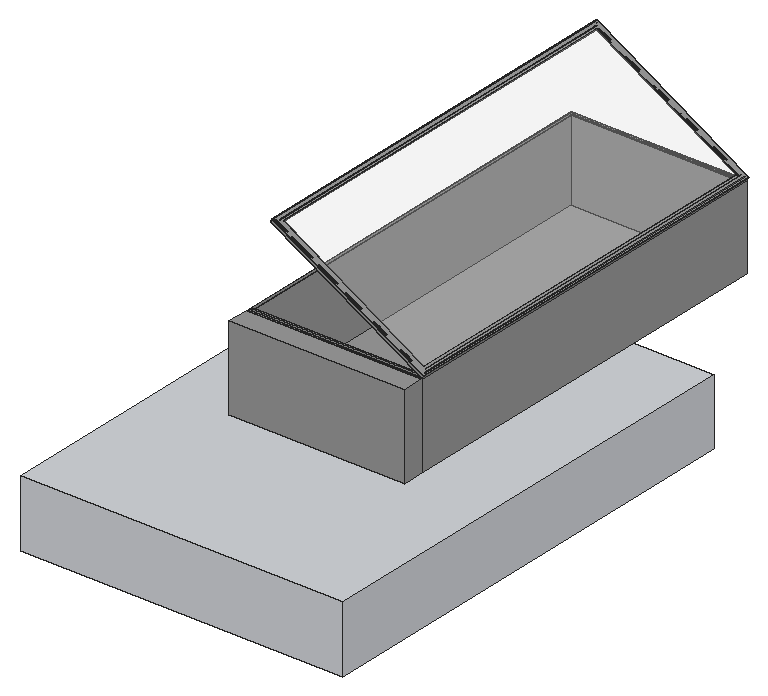
Revit family "Hager-Univers-IP55-D400-H1950-Cl.I-Steel_encl-CH-it", category Equipement électrique, Revit 2020
Family settings
  Hôte = Face
  Configuration du panneau = Deux colonnes, circuits au sein
  Cote de connecteur circulaire = Utiliser le diamètre
  Type d'élément = Tableau de raccordement
  Couper avec des vides une fois chargée = Non
  Partagée = Non
  Point de calcul de pièce = Non
Parameters (values of type "montaggio a pavimento IP55 L800 A1950 P400  - FR23V1")
  Width Control [instance] = if([EF000008 - Larghezza] > Min Width, [EF000008 - Larghezza], Min Width)  # 800 mm
  Commentaires du type = [HG000003 - Gamma]  # "Univers"
  Thickness Door [instance] = if([EF009171 - spessore materiale porta/coperchio] > 3 mm, 3 mm, [EF009171 - spessore materiale porta/coperchio])  # 1.5 mm
  Seal Frame Offset [instance] = 17 mm  # constant formula
  Plinth Visibility [instance] = [HG000027 - Altezza dello zoccolo] > 0 mm  # yes
  Model = ""
  Min Width [instance] = 100 mm  # constant formula
  Min Height [instance] = 100 mm  # constant formula
  Min Depth [instance] = (2 * [EF009170 - spessore materiale scatola]) + 1 mm  # 4 mm
  Internal Frame Depth [instance] = (Door System Depth * 0.5)  # 9 mm
  Height Control [instance] = if([EF000040 - Altezza] > Min Height, [EF000040 - Altezza], Min Height)  # 1950 mm
  HG000027 - Altezza dello zoccolo = 100 mm
  HG000026 - A pavimento = yes
  HG000024 - Altezza della sezione inferiore = 800 mm
  HG000023 - Custodia a doppia sezione = no
  HG000016 - Visibilità delle porte nella vista 3D [instance] = yes
  HG000015 - Visibilità attraverso la porta [instance] = no
  HG000014 - Porta destra [instance] = yes
  HG000013 - Porta sinistra [instance] = not([HG000014 - Porta destra])  # no
  HG000012 - Angolo di apertura della porta [instance] = 30.00°
  HG000010 - Porte asimmetriche = no
  HG000009 - Porta doppia a battente = no
  HG000006 - Ad incasso = no
  HG000004 - Codice produttore = "FR23V1"
  HG000003 - Gamma = "Univers"
  HG000002 - Con porta = yes
  Frame Offset Bottom [instance] = 10 mm  # constant formula
  Frame Offset [instance] = 15 mm  # constant formula
  EF015940 - Coprire con rilascio di sovrapressione = no
  EF011959 - tipo di protezione (NEMA) = ""
  EF009554 - numero delle aperture per la piastra della flangia = 6
  Fabricant = "Hager"  # constant formula
  EF009212 - esecuzione coperchio = "EV000116 - chiuso"
  EF009171 - spessore materiale porta/coperchio = 1.5 mm
  EF009170 - spessore materiale scatola = 1.5 mm
  EF008873 - corrente nominale (In) = 800 A
  EF007800 - adatto per parafulmine = no
  EF006306 - con serratura = no
  EF006244 - coperchio/porta trasparente = yes
  EF005474 - grado di protezione (IP) = "EV006420 - IP55"
  EF004464 - tipo di porta = "EV002646 - singolo"
  EF004427 - numero di moduli = 432
  EF004293 - resistenza agli urti = "EV008784 - IK10"
  EF003532 - adatto per uso esterno = no
  EF002950 - Numero moduli DIN = 24
  EF001613 - Integrità del circuito = "EV000494 - senza"
  EF001596 - Attacco Lampada = "EV000179 - acciaio"
  EF001131 - profondità interna = 400 mm
  EF001088 - possibilità di applicazione = yes
  EF000437 - numero di ingressi per conduttori = 6
  EF000339 - tipo di copertura = "EV004216 - porta"
  EF000266 - numero di file = 12
  EF000218 - profondità di incasso = 0 mm
  EF000118 - con piastra di montaggio = no
  EF000116 - numero RAL = "7035"
  EF000049 - profondità = 400 mm
  EF000040 - Altezza = 1950 mm
  EF000008 - Larghezza = 800 mm
  EF000007 - colore = "EV000270 - grigio"
  EF000003 - Tipo di montaggio = "EV012274 - montaggio a pavimento"
  Door System Leaf Tolerance [instance] = 1.5 mm  # constant formula
  Door System Depth [instance] = 18 mm  # constant formula
  Door Height [instance] = Height Control - [HG000027 - Altezza dello zoccolo]  # 1850 mm
  Depth Control [instance] = if([EF000049 - profondità] > Min Depth, [EF000049 - profondità], Min Depth)  # 400 mm
  Default Elevation = 0 mm
  Connector Offset [instance] = Height Control / 2  # 975 mm
  Bottom Top Plate Trim [instance] = 1.5 mm  # constant formula
  Plinth height Ctrl [instance] = if([HG000027 - Altezza dello zoccolo] > 0 mm, [HG000027 - Altezza dello zoccolo], 12 mm)  # 100 mm
Types (11, lengths in mm): name | Width Control | HG000010 - Porte asimmetriche | HG000009 - Porta doppia a battente | HG000004 - Codice produttore | EF009554 - numero delle aperture per la piastra della flangia | EF006244 - coperchio/porta trasparente | EF004464 - tipo di porta | EF004427 - numero di moduli | EF000437 - numero di ingressi per conduttori | EF000008 - Larghezza
  montaggio a pavimento IP55 L1050 A1950 P400  - FR24G1 | 1050 | yes | yes | "FR24G1" | 8 | no | "EV003602 - doppio" | 576 | 8 | 1050
  montaggio a pavimento IP55 L1050 A1950 P400  - FR24V1 | 1050 | yes | yes | "FR24V1" | 8 | yes | "EV003602 - doppio" | 576 | 8 | 1050
  montaggio a pavimento IP55 L1300 A1950 P400  - FR25G1 | 1300 | yes | yes | "FR25G1" | 10 | no | "EV003602 - doppio" | 720 | 10 | 1300
  montaggio a pavimento IP55 L1300 A1950 P400  - FR25V1 | 1300 | yes | yes | "FR25V1" | 10 | yes | "EV003602 - doppio" | 720 | 10 | 1300
  montaggio a pavimento IP55 L1550 A1950 P400  - FR26G1 | 1550 | yes | yes | "FR26G1" | 12 | no | "EV003602 - doppio" | 864 | 12 | 1550
  montaggio a pavimento IP55 L1550 A1950 P400  - FR26V1 | 1550 | yes | yes | "FR26V1" | 12 | yes | "EV003602 - doppio" | 864 | 12 | 1550
  montaggio a pavimento IP55 L300 A1950 P400  - FR21G1 | 300 | no | no | "FR21G1" | 2 | no | "EV002646 - singolo" | 144 | 2 | 300
  montaggio a pavimento IP55 L550 A1950 P400  - FR22G1 | 550 | no | no | "FR22G1" | 4 | no | "EV002646 - singolo" | 288 | 4 | 550
  montaggio a pavimento IP55 L550 A1950 P400  - FR22V1 | 550 | no | no | "FR22V1" | 4 | yes | "EV002646 - singolo" | 288 | 4 | 550
  montaggio a pavimento IP55 L800 A1950 P400  - FR23G1 | 800 | no | no | "FR23G1" | 6 | no | "EV002646 - singolo" | 432 | 6 | 800
  montaggio a pavimento IP55 L800 A1950 P400  - FR23V1 | 800 | no | no | "FR23V1" | 6 | yes | "EV002646 - singolo" | 432 | 6 | 800
Reference planes
  plane 1 "Center (Front/Back)": y = 0
  plane 2: z = 0
  plane 3 "Center (Left/Right)": x = 0
  plane 4: z = 400
  plane 5: y = 101.5
  plane 6: y = 1025
  plane 7: y = 100
  plane 8: y = 1950
  plane 9: z = 0
  plane 10: x = -385
  plane 11: x = 385
  plane 12: x = 383.5
  plane 13: x = -383.5
  plane 14: y = 1948.5
  plane 15: x = -383
  plane 16: x = -400
  plane 17: x = 383
  plane 18: x = 400
  plane 19: x = 398.5
  plane 20: x = -398.5
  plane 21: y = 111.5
  plane 22: y = 1950
  plane 23: y = 1933.5
  plane 24: z = 382
  plane 25: z = 1.5
  plane 26: z = 380.5
  plane 27: z = 398.5
Forms (mm)
  Extrusion 1, solid
    sketch origin (0, 0, 0) x (1, 0, 0) y (0, 1, 0)
      loop
        line (-702.964, 1305) -> (-702.964, -811.445) -> (766.763, -811.445) -> (766.763, 1305) -> (-702.964, 1305)
    from 0 to -304.8
  Extrusion 2, solid, material "Hager_Steel_RAL7035_Light_Grey", visible <- "Plinth Visibility", detail levels medium+fine
    sketch origin (0, 0, 0) x (1, 0, 0) y (0, 1, 0)
      loop
        line (-400, 0) -> (400, 0) -> (400, 100) -> (-400, 100) -> (-400, 0)
    from 0 to 382
  Extrusion 3, solid, material "Hager_Steel_RAL7035_Light_Grey", detail levels medium+fine
    sketch origin (0, 0, 0) x (1, 0, 0) y (0, 1, 0)
      loop
        line (-400, 100) -> (400, 100) -> (400, 1950) -> (-400, 1950) -> (-400, 100)
    from 0 to 382
  Extrusion 4, void
    sketch origin (0, 0, 0) x (1, 0, 0) y (0, 1, 0)
      loop
        line (-398.5, 101.5) -> (398.5, 101.5) -> (398.5, 1948.5) -> (-398.5, 1948.5) -> (-398.5, 101.5)
    from 1.5 to 380.5
  Extrusion 5, void
    sketch origin (-381.607, -4572, 382) x (0, -1, 0) y (-1, 0, 0)
      loop
        line (-4683.5, 1.893) -> (-6505.5, 1.893) -> (-6505.5, -765.107) -> (-4683.5, -765.107) -> (-4683.5, 1.893)
    from 0 to 1.5 <- "EF009170 - spessore materiale scatola"
  Extrusion 6, solid, material "Hager_Steel_RAL7035_Light_Grey", detail levels fine
    sketch origin (0, 0, 382) x (1, 0, 0) y (0, 1, 0)
      loop
        line (-383.5, 1933.5) -> (-383.5, 111.5) -> (383.5, 111.5) -> (383.5, 1933.5) -> (-383.5, 1933.5)
      loop
        line (-385, 110) -> (385, 110) -> (385, 1935) -> (-385, 1935) -> (-385, 110)
    from 0 to 9 <- "Internal Frame Depth"
  Extrusion 7, solid, material "Hager_Steel_RAL7035_Light_Grey", detail levels coarse
    sketch origin (0, 0, 0) x (1, 0, 0) y (0, 1, 0)
      loop
        line (-400, 0) -> (400, 0) -> (400, 1950) -> (-400, 1950) -> (-400, 0)
    from 0 to 400
  Sweep 8, void
    path in 3D
      loop
        line (-400, 100, 0) -> (400, 100, 0) -> (400, 100, 382) -> (-400, 100, 382) -> (-400, 100, 0)
    profile origin (-400, 100, 191) x (-1, 0, 0) y (0, -1, 0)
      loop
        line (0, 0) -> (0, 1.5) -> (-1.5, 1.5)
        arc (-1.5, 1.5) -> (-1.061, 0.439) -> (0, 0) r 1.5
Cuts and joins
  Extrusion 4, Extrusion 5 cuts Extrusion 3
  Sweep 8 cuts Extrusion 2
Lines and regions (mm)
  Masking region 1
    outline origin (0, 0, 0) x (1, 0, 0) y (0, 0, 1)
      loop
        line (-400, 400) -> (-400, 0) -> (400, 0) -> (400, 400) -> (-400, 400)
  Masking region 2, detail levels medium+fine
    outline origin (0, 140, 0) x (0, 1, 0) y (0, 0, 1)
      loop
        line (-40, 0) -> (1810, 0) -> (1810, 382) -> (-40, 382) -> (-40, 0)
  Masking region 3, not visible, detail levels medium+fine
    outline origin (0, 297.922, 0) x (0, 1, 0) y (0, 0, 1)
      loop
        line (738.578, 0) -> (778.578, 0) -> (778.578, 388.5)
        arc (778.578, 388.5) -> (775.649, 395.571) -> (768.578, 398.5) r 10
        line (768.578, 398.5) -> (738.578, 398.5) -> (738.578, 0)
  Masking region 4, detail levels coarse
    outline origin (0, 0, 180) x (0, 1, 0) y (0, 0, 1)
      loop
        line (0, -180) -> (1950, -180) -> (1950, 220) -> (0, 220) -> (0, -180)
  Masking region 5, visible <- "Plinth Visibility", detail levels medium+fine
    outline origin (0, 52.24, 12.345) x (0, 0, -1) y (0, 1, 0)
      loop
        line (10.845, 47.76) -> (-368.155, 47.76)
        arc (-368.155, 47.76) -> (-368.594, 46.699) -> (-369.655, 46.26) r 1.5
        line (-369.655, 46.26) -> (-369.655, -52.24) -> (12.345, -52.24) -> (12.345, 46.26)
        arc (12.345, 46.26) -> (11.285, 46.699) -> (10.845, 47.76) r 1.5
  Masking region 6, detail levels medium+fine
    outline origin (-381.607, -4572, 382) x (-1, 0, 0) y (0, -1, 0)
      loop
        line (18.393, -6522) -> (18.393, -4672) -> (-781.607, -4672) -> (-781.607, -6522) -> (18.393, -6522)
  Masking region 7, visible <- "Plinth Visibility", detail levels medium+fine
    outline origin (-381.607, -4727, 382) x (-1, 0, 0) y (0, -1, 0)
      loop
        arc (16.893, -4827) -> (17.332, -4825.939) -> (18.393, -4825.5) r 1.5
        line (18.393, -4825.5) -> (18.393, -4727) -> (-781.607, -4727) -> (-781.607, -4825.5)
        arc (-781.607, -4825.5) -> (-780.546, -4825.939) -> (-780.107, -4827) r 1.5
        line (-780.107, -4827) -> (16.893, -4827)
  Masking region 8, detail levels coarse
    outline origin (-442.548, -4669.526, 382) x (-1, 0, 0) y (0, -1, 0)
      loop
        line (-42.548, -6619.526) -> (-42.548, -4669.526) -> (-842.548, -4669.526) -> (-842.548, -6619.526) -> (-42.548, -6619.526)
  sketch lines
    curve 1: line (-400, 100, 382) -> (-400, 100, 0)
    curve 2: line (400, 100, 382) -> (-400, 100, 382)
    curve 3: line (400, 100, 382) -> (400, 100, 0)
    curve 4: line (-400, 100, 0) -> (400, 100, 0)
Dimensions and locks
  "Depth Control": plane 4 to Extrusion 1
  "HG000027 - Altezza dello zoccolo": plane 1 "Center (Front/Back)" to plane 7
  "EF009170 - spessore materiale scatola": plane 5 to plane 7
  locked: connector elem to plane 3 "Center (Left/Right)"
  equal spacing: plane 8, plane 6, plane 7
  locked: connector elem to plane 6
  "EF009170 - spessore materiale scatola": plane 8 to plane 14
  "EF009170 - spessore materiale scatola": plane 10 to plane 13
  "EF009170 - spessore materiale scatola": plane 12 to plane 11
  "Frame Offset": plane 20 to plane 13
  "Frame Offset": plane 12 to plane 19
  "EF009170 - spessore materiale scatola": plane 16 to plane 20
  "EF009170 - spessore materiale scatola": plane 19 to plane 18
  "Seal Frame Offset": plane 16 to plane 15
  "Seal Frame Offset": plane 17 to plane 18
  "Frame Offset Bottom": plane 21 to plane 5
  "Frame Offset": plane 14 to plane 23
  equal spacing: plane 16, plane 3 "Center (Left/Right)", plane 18
  "Width Control": plane 16 to plane 18
  "EF009170 - spessore materiale scatola": plane 4 to plane 27
  "EF009170 - spessore materiale scatola": plane 24 to plane 26
  "EF009170 - spessore materiale scatola": plane 25 to level
  "Door System Depth": plane 4 to plane 24
  "Height Control": plane 1 "Center (Front/Back)" to Extrusion 7 sketch curve
  "Height Control": Masking region 4 sketch curve to plane 1 "Center (Front/Back)"
  "Height Control": plane 1 "Center (Front/Back)" to plane 22
  "Bottom Top Plate Trim": profile plane to Sweep 8 sketch curve
  "Bottom Top Plate Trim": Sweep 8 sketch curve to profile plane
  "Plinth height Ctrl": plane 1 "Center (Front/Back)" to Extrusion 2 sketch curve
  "Plinth height Ctrl": Masking region 5 sketch curve to plane 1 "Center (Front/Back)"
  "Plinth height Ctrl": plane 1 "Center (Front/Back)" to Masking region 7 sketch curve
  "Thickness Door": Extrusion 6 sketch curve to Extrusion 6 sketch curve  (x3)
  "Thickness Door": cut or joined group of Extrusion 3, Extrusion 4, Extrusion 5 to Extrusion 6 sketch curve
  radius of Masking region 3 sketch curve = 10 mm
  "Bottom Top Plate Trim": radius of Masking region 5 sketch curve  (x2)
  "Bottom Top Plate Trim": radius of Sweep 8 sketch curve
  "Bottom Top Plate Trim": radius of Masking region 7 sketch curve  (x2)
  aligned and locked: plane 2 to Extrusion 1
  aligned and locked: level to Extrusion 1
  aligned and locked: level to Masking region 1 sketch curve
  aligned and locked: Masking region 1 sketch curve to plane 18
  aligned and locked: Masking region 1 sketch curve to plane 16
  aligned and locked: plane 7 to Masking region 2 sketch curve
  aligned and locked: level to Masking region 3 sketch curve
  aligned and locked: Masking region 3 sketch curve to plane 27
  aligned and locked: level to Masking region 2 sketch curve
  aligned and locked: plane 1 "Center (Front/Back)" to Extrusion 2 sketch curve
  aligned and locked: Extrusion 3 sketch curve to plane 7
  aligned and locked: plane 16 to Extrusion 3 sketch curve
  aligned and locked: plane 18 to Extrusion 3 sketch curve
  aligned and locked: plane 20 to Extrusion 4 sketch curve
  aligned and locked: plane 19 to Extrusion 4 sketch curve
  aligned and locked: Extrusion 4 sketch curve to plane 5
  aligned and locked: Extrusion 4 to plane 25
  aligned and locked: plane 26 to Extrusion 4
  aligned and locked: plane 24 to Extrusion 3
  aligned and locked: Extrusion 5 sketch curve to plane 21
  aligned and locked: Extrusion 5 sketch curve to plane 13
  aligned and locked: Extrusion 5 sketch curve to plane 12
  aligned and locked: plane 18 to Extrusion 7 sketch curve
  aligned and locked: plane 1 "Center (Front/Back)" to Extrusion 7 sketch curve
  aligned and locked: plane 16 to Extrusion 7 sketch curve
  aligned and locked: plane 4 to Extrusion 7
  aligned and locked: Extrusion 7 to level
  aligned and locked: level to Masking region 4 sketch curve
  aligned and locked: Masking region 4 sketch curve to plane 1 "Center (Front/Back)"
  aligned and locked: Masking region 4 sketch curve to plane 4
  aligned and locked: nested 1 to level
  aligned and locked: nested 1 to plane 16
  aligned and locked: plane 8 to Extrusion 3 sketch curve
  aligned and locked: plane 23 to Extrusion 5 sketch curve
  aligned and locked: plane 14 to Extrusion 4 sketch curve
  aligned and locked: Masking region 2 sketch curve to plane 8
  aligned and locked: level to Masking region 5 sketch curve
  aligned and locked: plane 16 to Extrusion 2 sketch curve
  aligned and locked: plane 18 to Extrusion 2 sketch curve
  aligned and locked: Masking region 5 sketch curve to plane 24
  aligned and locked: Masking region 2 sketch curve to plane 24
  aligned and locked: plane 24 to Extrusion 2
  aligned and locked: profile plane to Sweep 8 sketch curve  (x2)
  aligned and locked: Masking region 6 sketch curve to plane 18
  aligned and locked: Masking region 6 sketch curve to plane 22
  aligned and locked: Masking region 6 sketch curve to plane 16
  aligned and locked: plane 8 to plane 22
  aligned and locked: Masking region 6 sketch curve to plane 7
  aligned and locked: Masking region 7 sketch curve to plane 16
  aligned and locked: Masking region 7 sketch curve to plane 1 "Center (Front/Back)"
  aligned and locked: Masking region 7 sketch curve to plane 18
  aligned and locked: Masking region 8 sketch curve to plane 1 "Center (Front/Back)"
  aligned and locked: Masking region 8 sketch curve to plane 18
  aligned and locked: Masking region 8 sketch curve to plane 22
  aligned and locked: Masking region 8 sketch curve to plane 16
  aligned and locked: nested 2 to plane 7
  aligned and locked: plane 3 "Center (Left/Right)" to nested 2
  aligned and locked: nested 2 to plane 24
  aligned and locked: Extrusion 6 sketch curve to cut or joined group of Extrusion 3, Extrusion 4, Extrusion 5  (x4)
Automatic sketch dimensions
  Extrusion 1 sketch curve to Extrusion 1 sketch curve = 1469.727 mm
  Extrusion 1 sketch curve to Extrusion 1 sketch curve = 2116.445 mm
  Masking region 1 sketch curve to plane 4 = 0 mm
  plane 6 to Masking region 3 sketch curve = 11.5 mm
  Masking region 3 sketch curve to Masking region 3 sketch curve = 30 mm
  Masking region 5 sketch curve to plane 1 "Center (Front/Back)" = 0 mm
Nested families
  nested 1: "Hager_Enclosure_Symbol" at (-400, 0, 0) x (1, 0, 0) z (0, -1, 0), Height <- "Depth Control", Width <- "Width Control", type "Hager_Enclosure_Symbol"
    with Width_Ctrl 800 mm, Width 800 mm, Height_Ctrl 400 mm, Height 400 mm, A_Width_Int 26.25 mm, A_Width 315 mm, A_Height_Ctrl 350 mm, A_Height 350 mm
  nested 2: "EC000058_Univers_Door" at (0, 100, 382) x (1, 0, 0) z (0, 1, 0), Leaf_Tolerance <- "Door System Leaf Tolerance", Angle <- "HG000012 - Angolo di apertura della porta", Door_Depth <- "Door System Depth", Door_Left <- "HG000013 - Porta sinistra", Transparent <- "EF006244 - coperchio/porta trasparente", Assymetrical <- "HG000010 - Porte asimmetriche", Width <- "Width Control", Clearance <- "HG000015 - Visibilità attraverso la porta", Double <- "HG000009 - Porta doppia a battente", 3d_Door <- "HG000016 - Visibilità delle porte nella vista 3D", Lock_Visibility <- "EF006306 - con serratura", Width_Ctrl <- "Width Control", Door_Right <- "HG000014 - Porta destra", Door <- "HG000002 - Con porta", Height <- "Door Height", Thickness <- "Thickness Door", type "EC000058_Univers_Door", detail levels medium+fine
    with min_wh 4 mm, Width_Ctrl 800 mm, Width 800 mm, Transparent yes, Thickness 1.5 mm, Seal_Material Hager_Rubber, Lock_Visibility no, Lock_Material Hager_Plastic_RAL9005_Jet_Black, Leaf_Width 800 mm, Leaf_Tolerance_External_Sides 0 mm, Leaf_Tolerance 1.5 mm, Leaf_Offset 0 mm, Leaf_Height 1847 mm, Leaf_2_Width 800 mm, Leaf_2_Offset 400 mm, Leaf_1_Width 800 mm, Leaf_1_Offset 400 mm, Height_Ctrl 1850 mm, Height 1850 mm, Glass_Material Hager_Glass, Double_Clearance_Ctrl no, Double no, Door_Right_Ctrl yes, Door_Right yes, Door_Material Hager_Steel_RAL7035_Light_Grey, Door_Left_Ctrl no, Door_Left no, Door_Depth 18 mm, Door yes, Clearance_Material Hager_Clearance, Clearance_Depth 800 mm, Clearance_Ctrl no, Clearance no, Assymetrical no, Angle 30.00°, 3d_Door yes
Connectors
  electrical at (0, 1025, 0)
    settings: on plane 9, index 1, voltage 0 V, apparent load 0 VA, apparent load phase1 0 VA, apparent load phase2 0 VA, apparent load phase3 0 VA, power factor 1, load classification "Other", number of poles 1, system type 30, power factor state 1, is connector primary yes, connector utility no, sub classification motor no, connector description ""
Definition of nested family "EC000058_Univers_Door"
  Parameters (values of type "EC000058_Univers_Door")
    min_wh [instance] = (2 * Thickness) + 1 mm  # 11 mm
    Width_Ctrl [instance] = 400 mm
    Width [instance] = 500 mm
    Transparent [instance] = yes
    Thickness [instance] = 5 mm
    Seal_Material [instance] = none
    Lock_Visibility [instance] = yes
    Lock_Material [instance] = none
    Leaf_Width [instance] = if((Width_Ctrl - 2 * Leaf_Tolerance_External_Sides) > 0 mm, (Width_Ctrl - 2 * Leaf_Tolerance_External_Sides), min_wh)  # 400 mm
    Leaf_Tolerance_External_Sides [instance] = 0 mm  # constant formula
    Leaf_Tolerance [instance] = 1.5 mm
    Leaf_Offset [instance] = 0 mm  # constant formula
    Leaf_Height [instance] = if((Height_Ctrl - 2 * Leaf_Tolerance) > 0 mm, (Height_Ctrl - 2 * Leaf_Tolerance), min_wh)  # 497 mm
    Leaf_2_Width [instance] = if(and(and(Double, Assymetrical), Door_Left), (Leaf_Width / 3) - (Leaf_Tolerance / 2), if(and(and(Double, Assymetrical), Door_Right), (Leaf_Width / 3) * 2 - (Leaf_Tolerance / 2), if(and(Double, not(Assymetrical)), (Leaf_Width / 2) - Leaf_Tolerance, Leaf_Width)))  # 400 mm
    Leaf_2_Offset [instance] = if(and(Double, Assymetrical), Leaf_2_Width / 2, if(and(Double, not(Assymetrical)), Leaf_Width / 4, Leaf_Width / 2))  # 200 mm
    Leaf_1_Width [instance] = if(and(and(Double, Assymetrical), Door_Right), (Leaf_Width / 3) - (Leaf_Tolerance / 2), if(and(and(Double, Assymetrical), Door_Left), (Width / 3) * 2 - (Leaf_Tolerance / 2), if(and(Double, not(Assymetrical)), (Leaf_Width / 2) - Leaf_Tolerance, Leaf_Width)))  # 400 mm
    Leaf_1_Offset [instance] = if(and(Double, Assymetrical), Leaf_1_Width / 2, if(and(Double, not(Assymetrical)), Leaf_Width / 4, Leaf_Width / 2))  # 200 mm
    Height_Ctrl [instance] = if(Height > min_wh, Height, min_wh)  # 500 mm
    Height [instance] = 500 mm
    Glass_Material [instance] = none
    Double_Clearance_Ctrl [instance] = and(Double, Clearance)  # no
    Double [instance] = no
    Door_Right_Ctrl [instance] = and(or(Door_Right, Double), Door)  # yes
    Door_Right [instance] = yes
    Door_Material [instance] = none
    Door_Left_Ctrl [instance] = and(or(Door_Left, Double), Door)  # no
    Door_Left [instance] = no
    Door_Depth [instance] = 30 mm
    Door [instance] = yes
    Default Elevation = 1219.2 mm
    Clearance_Material [instance] = none
    Clearance_Depth [instance] = if(Leaf_1_Width > Leaf_2_Width, Leaf_1_Width, Leaf_2_Width)  # 400 mm
    Clearance_Ctrl [instance] = and(not(Double), Clearance)  # yes
    Clearance [instance] = yes
    Assymetrical [instance] = yes
    Angle [instance] = 30.00°
    3d_Door [instance] = yes
  Reference planes
    plane 1 "Center (Front/Back)": y = 0
    plane 2 "Bottom": z = 0
    plane 3 "Center (Left/Right)": x = 0
    plane 4: z = 500
    plane 5: x = -200
    plane 6: x = 200
    plane 7: z = 500
    plane 8: x = -200
    plane 9: z = 0
    plane 10: x = 200
    plane 11: y = 0
    plane 12: z = 1.5
    plane 13: x = -600
    plane 14: y = -400
    plane 15: x = 600
    plane 16: x = 0
    plane 17: x = 0
    plane 18: x = -200
    plane 19: x = 200
    plane 20: z = 498.5
  Forms (mm)
    Extrusion 1, solid, material <- "Clearance_Material", visible <- "Double_Clearance_Ctrl"
      sketch origin (1200, 0, 0) x (1, 0, 0) y (0, 0, -1)
        loop
          line (-1800, -498.5) -> (-600, -498.5) -> (-600, 0) -> (-1800, 0) -> (-1800, -498.5)
      from 0 to -400
  Dimensions and locks
    equal spacing: plane 5, plane 3 "Center (Left/Right)", plane 6
    "Width_Ctrl": plane 5 to plane 6
    "Leaf_Offset": plane 5 to plane 8
    "Leaf_Offset": plane 6 to plane 10
    "Leaf_Offset": plane 9 to level
    "Leaf_Offset": plane 4 to plane 7
    "Height_Ctrl": plane 4 to level
    "Leaf_Tolerance": plane 12 to plane 9
    locked: plane 11 to plane 1 "Center (Front/Back)"
    "Leaf_1_Offset": plane 18 to plane 16
    "Leaf_2_Offset": plane 17 to plane 19
    "Leaf_1_Width": plane 13 to plane 8
    "Leaf_2_Width": plane 10 to plane 15
    "Clearance_Depth": plane 14 to plane 1 "Center (Front/Back)"
    "Leaf_Tolerance_External_Sides": plane 8 to plane 18
    "Leaf_Tolerance_External_Sides": plane 19 to plane 10
    "Leaf_Tolerance": plane 7 to plane 20
    aligned and locked: level to plane 2 "Bottom"
    aligned and locked: nested 1 to plane 16
    aligned and locked: nested 2 to plane 17
    aligned and locked: Extrusion 1 to plane 13
    aligned and locked: plane 15 to Extrusion 1
    aligned and locked: Extrusion 1 to plane 14
    aligned and locked: plane 12 to nested 1
    aligned and locked: nested 2 to plane 12
    aligned and locked: Extrusion 1 to plane 11
    aligned and locked: plane 20 to Extrusion 1
    aligned and locked: nested 2 to plane 11
    aligned and locked: nested 1 to plane 11
  Automatic sketch dimensions
    Extrusion 1 sketch curve to level = 0 mm
    plane 5 to Extrusion 1 sketch curve = 400 mm
    plane 6 to Extrusion 1 sketch curve = 400 mm
    Extrusion 1 sketch curve to plane 4 = 1.5 mm
  Nested families
    nested 1: "EC000058_Univers_Door_Leaf" at (0, 0, 1.5), Width <- "Leaf_1_Width", visible <- "Door_Left_Ctrl", Leaf_Height <- "Leaf_Height", Angle <- "Angle", 3d_Door <- "3d_Door", Transparent <- "Transparent", Clearance Material <- "Clearance_Material", Clearance <- "Clearance_Ctrl", Door_Material <- "Door_Material", Glass_Material <- "Glass_Material", Door_Depth <- "Door_Depth", Lock_Material <- "Lock_Material", Seal_Material <- "Seal_Material", Lock_Visibility <- "Lock_Visibility", Thickness <- "Thickness", type "EC000058_Univers_Door_Leaf"
      with Width 400 mm, Transparent_Glass_Offset 30 mm, Transparent_Ctrl yes, Transparent yes, Thickness 5 mm, Standard no, Seal_Material none, Seal_D2 8 mm, Seal_D1 1 mm, Offset_Internal_Frame 10 mm, Lock_Width 20 mm, Lock_Visibility_3d yes, Lock_Visibility yes, Lock_Thickness_3 3 mm, Lock_Thickness_2 1 mm, Lock_Thickness_1 3 mm, Lock_Radius_Offset_2 16 mm, Lock_Radius_Offset_1 15 mm, Lock_Radius_2 5 mm, Lock_Radius 6 mm, Lock_Offset 5 mm, Lock_Material none, Lock_Height 80 mm, Lock_Cover_Top_Offset_2d 17 mm, Lock_Cover_Height -65 mm, Leaf_Height 497 mm, Internal_Seal_Thickness 8 mm, Internal_Seal_Depth_2 4.5 mm, Internal_Frame_Depth 25 mm, Glass_Thickness -1 mm, Glass_Offset -2 mm, Glass_Material none, Door_Material none, Door_Depth 30 mm, Clearance Material none, Clearance yes, Angle_Ctrl 30.00°, Angle 30.00°, 3d_Door yes
    nested 2: "EC000058_Univers_Door_Leaf" at (0, 0, 1.5) x (-1, 0, 0) z (0, 0, 1), Width <- "Leaf_2_Width", visible <- "Door_Right_Ctrl", Leaf_Height <- "Leaf_Height", Angle <- "Angle", 3d_Door <- "3d_Door", Transparent <- "Transparent", Clearance Material <- "Clearance_Material", Clearance <- "Clearance_Ctrl", Door_Material <- "Door_Material", Glass_Material <- "Glass_Material", Door_Depth <- "Door_Depth", Lock_Material <- "Lock_Material", Seal_Material <- "Seal_Material", Lock_Visibility <- "Lock_Visibility", Thickness <- "Thickness", type "EC000058_Univers_Door_Leaf"
      with Width 400 mm, Transparent_Glass_Offset 30 mm, Transparent_Ctrl yes, Transparent yes, Thickness 5 mm, Standard no, Seal_Material none, Seal_D2 8 mm, Seal_D1 1 mm, Offset_Internal_Frame 10 mm, Lock_Width 20 mm, Lock_Visibility_3d yes, Lock_Visibility yes, Lock_Thickness_3 3 mm, Lock_Thickness_2 1 mm, Lock_Thickness_1 3 mm, Lock_Radius_Offset_2 16 mm, Lock_Radius_Offset_1 15 mm, Lock_Radius_2 5 mm, Lock_Radius 6 mm, Lock_Offset 5 mm, Lock_Material none, Lock_Height 80 mm, Lock_Cover_Top_Offset_2d 17 mm, Lock_Cover_Height -65 mm, Leaf_Height 497 mm, Internal_Seal_Thickness 8 mm, Internal_Seal_Depth_2 4.5 mm, Internal_Frame_Depth 25 mm, Glass_Thickness -1 mm, Glass_Offset -2 mm, Glass_Material none, Door_Material none, Door_Depth 30 mm, Clearance Material none, Clearance yes, Angle_Ctrl 30.00°, Angle 30.00°, 3d_Door yes
  Definition of nested family "EC000058_Univers_Door_Leaf"
    Parameters (values of type "EC000058_Univers_Door_Leaf")
      Width [instance] = 2000 mm
      Transparent_Glass_Offset [instance] = 30 mm
      Transparent_Ctrl [instance] = and(Transparent, [3d_Door])  # yes
      Transparent [instance] = yes
      Thickness [instance] = 5 mm
      Standard [instance] = and(not(Transparent), [3d_Door])  # no
      Seal_Material [instance] = none
      Seal_D2 [instance] = 8 mm  # constant formula
      Seal_D1 [instance] = 1 mm  # constant formula
      Offset_Internal_Frame [instance] = 10 mm  # constant formula
      Lock_Width [instance] = 20 mm  # constant formula
      Lock_Visibility_3d [instance] = and(Lock_Visibility, [3d_Door])  # yes
      Lock_Visibility [instance] = yes
      Lock_Thickness_3 [instance] = 3 mm  # constant formula
      Lock_Thickness_2 [instance] = 1 mm  # constant formula
      Lock_Thickness_1 [instance] = 3 mm  # constant formula
      Lock_Radius_Offset_2 [instance] = Lock_Radius_Offset_1 + 1 mm  # 16 mm
      Lock_Radius_Offset_1 [instance] = 15 mm  # constant formula
      Lock_Radius_2 [instance] = Lock_Radius - 1 mm  # 5 mm
      Lock_Radius [instance] = 6 mm  # constant formula
      Lock_Offset [instance] = 5 mm  # constant formula
      Lock_Material [instance] = none
      Lock_Height [instance] = 80 mm  # constant formula
      Lock_Cover_Top_Offset_2d [instance] = Lock_Radius_Offset_2 + 1 mm  # 17 mm
      Lock_Cover_Height [instance] = -(Lock_Height - Lock_Radius_Offset_1)  # -65 mm
      Leaf_Height [instance] = 2720.336 mm
      Internal_Seal_Thickness [instance] = 8 mm  # constant formula
      Internal_Seal_Depth_2 [instance] = 4.5 mm  # constant formula
      Internal_Frame_Depth [instance] = if(Door_Depth - Thickness > 5 mm, Door_Depth - Thickness, 5 mm)  # 25 mm
      Glass_Thickness [instance] = if(Thickness > 15 mm, Glass_Offset + 10 mm, -1 mm)  # -1 mm
      Glass_Offset [instance] = if(Thickness > 15 mm, -(Thickness + 10 mm) / 2, -2 mm)  # -2 mm
      Glass_Material [instance] = none
      Door_Material [instance] = none
      Door_Depth [instance] = 30 mm
      Default Elevation = 0 mm
      Clearance Material [instance] = none
      Clearance [instance] = yes
      Angle_Ctrl [instance] = if(Angle > 180.00°, 180.00°, Angle)  # 90.00°
      Angle [instance] = 90.00°
      3d_Door [instance] = yes
    Reference planes
      plane 1 "Center (Front/Back)": y = 0
      plane 2: z = 0
      plane 3 "Center (Left/Right)": x = 0
      plane 4: y = 2000
      plane 5: x = -1000
      plane 6: x = 1000
      plane 7: x = -3000
      plane 8: z = 2720.336
      plane 9: z = 30
      plane 10: z = 2690.336
      plane 11: x = 970
      plane 12: x = -970
      plane 13: y = -3
      plane 14: z = 107.833
      plane 15: y = -5
      plane 16: y = -223.314
      plane 17: x = -1000
      plane 18: z = 1360.168
      plane 19: y = 30
    Forms (mm)
      Extrusion 1, solid, material <- "Clearance Material", visible <- "Clearance"
        sketch origin (0, 0, 0) x (1, 0, 0) y (0, 0, 1)
          loop
            line (-3000, 2720.336) -> (-3000, 0) -> (1000, 0) -> (1000, 2720.336) -> (-3000, 2720.336)
        from 0 to -2000
      Extrusion 2, solid, material <- "Door_Material", visible <- "Standard", detail levels medium+fine
        sketch origin (-1000, 0, 0) x (0, 1, 0) y (-1, 0, 0)
          loop
            line (0, 30) -> (0, 25) -> (2000, 25) -> (2000, 30) -> (0, 30)
        from 0 to 2720.336 <- "Leaf_Height"
      Extrusion 3, solid, material <- "Door_Material", visible <- "Transparent_Ctrl", detail levels medium+fine
        sketch origin (-1000, 0, 0) x (0, 1, 0) y (-1, 0, 0)
          loop
            line (0, 25) -> (2000, 25) -> (2000, 30) -> (0, 30) -> (0, 25)
        from 0 to 2720.336 <- "Leaf_Height"
      Extrusion 4, void
        sketch origin (-1025, 2000, 0) x (0, 1, 0) y (0, 0, -1)
          loop
            line (-30, -2690.336) -> (-30, -30) -> (-1970, -30) -> (-1970, -2690.336) -> (-30, -2690.336)
        from 0 to 5 <- "Thickness"
      Sweep 5, solid, material <- "Seal_Material", visible <- "Transparent_Ctrl", detail levels fine
        path in 3D
          loop
            line (-1025, 30, 30) -> (-1025, 30, 2690.336) -> (-1025, 1970, 2690.336) -> (-1025, 1970, 30) -> (-1025, 30, 30)
        profile origin (-1025, 1000, 30) x (1, 0, 0) y (0, 0, 1)
          loop
            line (0, 0) -> (0, -8) -> (1, -8) -> (1, 0) -> (0, 0)
      Extrusion 6, solid, material <- "Glass_Material", visible <- "Transparent_Ctrl", detail levels medium+fine
        sketch origin (-1030, 0, 0) x (0, 1, 0) y (0, 0, -1)
          loop
            line (1970, -2690.336) -> (1970, -30) -> (30, -30) -> (30, -2690.336) -> (1970, -2690.336)
        from -2 <- "Glass_Offset" to -1 <- "Glass_Thickness"
      Extrusion 7, solid, material <- "Door_Material", visible <- "3d_Door", detail levels medium+fine
        sketch origin (-1025, 2000, 0) x (0, -1, 0) y (0, 0, -1)
          loop
            line (0, -2720.336) -> (2000, -2720.336) -> (2000, 0) -> (0, 0) -> (0, -2720.336)
          loop
            line (1995, -5) -> (5, -5) -> (5, -2715.336) -> (1995, -2715.336) -> (1995, -5)
        from 0 to 25 <- "Internal_Frame_Depth"
      Sweep 8, solid, material <- "Seal_Material", visible <- "Transparent_Ctrl", detail levels fine
        path in 3D
          loop
            line (-1025, 0, 0) -> (-1025, 2000, 0) -> (-1025, 2000, 2720.336) -> (-1025, 0, 2720.336) -> (-1025, 0, 0)
        profile origin (-1025, 0, 1360.168) x (1, 0, 0) y (0, 1, 0)
          loop
            line (0, 10) -> (2.975, 10)
            arc (2.975, 10) -> (4.053, 10.447) -> (4.5, 11.525) r 1.525
            line (4.5, 11.525) -> (4.5, 16.527)
            arc (4.5, 16.527) -> (4.069, 17.569) -> (3.027, 18) r 1.473
            line (3.027, 18) -> (0, 18) -> (0, 10)
      Extrusion 9, solid, material <- "Lock_Material", visible <- "Lock_Visibility_3d", detail levels fine
        sketch origin (-1030, 0, 0) x (0, 1, 0) y (0, 0, -1)
          loop
            arc (1993.5, -1400.168) -> (1994.561, -1399.729) -> (1995, -1398.668) r 1.5
            line (1995, -1398.668) -> (1995, -1320.168) -> (1975, -1320.168) -> (1975, -1398.668)
            arc (1975, -1398.668) -> (1975.439, -1399.729) -> (1976.5, -1400.168) r 1.5
            line (1976.5, -1400.168) -> (1993.5, -1400.168)
        from 3 <- "Lock_Thickness_1" to 0
      Blend 10, solid, material <- "Lock_Material", visible <- "Lock_Visibility_3d", detail levels fine
        base sketch origin (-1033, 0, 0) x (0, 1, 0) y (0, 0, -1)
          loop
            line (1975, -1320.168) -> (1975, -1398.668)
            arc (1975, -1398.668) -> (1975.439, -1399.729) -> (1976.5, -1400.168) r 1.5
            line (1976.5, -1400.168) -> (1993.5, -1400.168)
            arc (1993.5, -1400.168) -> (1994.561, -1399.729) -> (1995, -1398.668) r 1.5
            line (1995, -1398.668) -> (1995, -1320.168) -> (1975, -1320.168)
        top sketch origin (-1033, 0, 0) x (0, 1, 0) y (0, 0, -1)
          loop
            line (1976, -1320.168) -> (1976, -1398.668)
            arc (1976, -1398.668) -> (1976.146, -1399.022) -> (1976.5, -1399.168) r 0.5
            line (1976.5, -1399.168) -> (1993.5, -1399.168)
            arc (1993.5, -1399.168) -> (1993.854, -1399.022) -> (1994, -1398.668) r 0.5
            line (1994, -1398.668) -> (1994, -1320.168) -> (1976, -1320.168)
        from 0 to 1 <- "Lock_Thickness_2"
      Blend 11, solid, material <- "Lock_Material", visible <- "Lock_Visibility_3d", detail levels fine
        base sketch origin (-1034, 0, 0) x (0, 1, 0) y (0, 0, -1)
          loop
            line (1978, -1320.168) -> (1978, -1384.168)
            arc (1978, -1384.168) -> (1985, -1391.168) -> (1992, -1384.168) r 7
            line (1992, -1384.168) -> (1992, -1320.168) -> (1978, -1320.168)
        top sketch origin (-1034, 0, 0) x (0, 1, 0) y (0, 0, -1)
          loop
            line (1991, -1320.168) -> (1979, -1320.168) -> (1979, -1383.168)
            arc (1979, -1383.168) -> (1985, -1389.168) -> (1991, -1383.168) r 6
            line (1991, -1383.168) -> (1991, -1320.168)
        from 0 to 3 <- "Lock_Thickness_3"
      Extrusion 12, solid, material <- "Lock_Material", visible <- "Lock_Visibility_3d", detail levels fine
        sketch origin (-1030, 1975, 1320.168) x (1, 0, 0) y (0, -1, 0)
          loop
            line (-7, -19) -> (-7, -1) -> (0, -1) -> (0, 0) -> (-8, 0) -> (-8, -20) -> (0, -20) -> (0, -19) -> (-7, -19)
        from 0 to -65 <- "Lock_Cover_Height"
      Extrusion 13, void
        sketch origin (-1038, 1995, 1320.168) x (-1, 0, 0) y (0, 0, -1)
          loop
            line (-5, -65) -> (0, -65) -> (-5, -60) -> (-5, -65)
        from 0 to 20 <- "Lock_Width"
      Extrusion 14, void
        sketch origin (-1038, 1975, 1320.168) x (0, -1, 0) y (0, 0, -1)
          loop
            circle (-10, -15.995) r 6
          loop
            circle (-10, -15.995) r 5
        from 0 to 2
      Extrusion 15, solid, material <- "Lock_Material", visible <- "Lock_Visibility_3d", detail levels medium
        sketch origin (-1030, 0, 0) x (0, 1, 0) y (0, 0, -1)
          loop
            arc (1993.5, -1400.168) -> (1994.561, -1399.729) -> (1995, -1398.668) r 1.5
            line (1995, -1398.668) -> (1995, -1320.168) -> (1975, -1320.168) -> (1975, -1398.668)
            arc (1975, -1398.668) -> (1975.439, -1399.729) -> (1976.5, -1400.168) r 1.5
            line (1976.5, -1400.168) -> (1993.5, -1400.168)
        from 8 to 0
    Cuts and joins
      Extrusion 4 cuts Extrusion 3
      Extrusion 13, Extrusion 14 cuts Extrusion 9
      Extrusion 14 cuts Blend 11
      Extrusion 13, Extrusion 14 cuts Extrusion 12
      joined: Extrusion 9, Blend 10, Blend 11, Extrusion 12
      Extrusion 14 cuts Extrusion 15
    Lines and regions (mm)
      Masking region 1, visible <- "Lock_Visibility", detail levels fine
        outline origin (0, 0, 0) x (0, 1, 0) y (0, 0, 1)
          loop
            line (30, 1320.168) -> (33, 1320.168) -> (33, 1400.168) -> (30, 1400.168) -> (30, 1320.168)
      Masking region 2, visible <- "Lock_Visibility", detail levels fine
        outline origin (0, 3.143, 0) x (0, 1, 0) y (0, 0, 1)
          loop
            line (29.857, 1354.168) -> (30.857, 1354.168) -> (30.857, 1366.168) -> (29.857, 1366.168) -> (29.857, 1354.168)
      Masking region 3, detail levels medium+fine
        outline origin (0, 0, 0) x (0, 1, 0) y (0, 0, 1)
          loop
            line (0, 0) -> (30, 0) -> (30, 2720.336) -> (0, 2720.336) -> (0, 0)
      Masking region 4, detail levels medium+fine
        outline origin (0, 0, 0) x (1, 0, 0) y (0, 0, 1)
          loop
            line (-1000, 2720.336) -> (-1000, 0) -> (1000, 0) -> (1000, 2720.336) -> (-1000, 2720.336)
      Masking region 5, visible <- "Lock_Visibility", detail levels fine
        outline origin (-47.116, 0, 0) x (1, 0, 0) y (0, 0, 1)
          loop
            arc (1024.616, 1399.168) -> (1023.556, 1398.729) -> (1023.116, 1397.668) r 1.5
            line (1023.116, 1397.668) -> (1023.116, 1320.168) -> (1041.116, 1320.168) -> (1041.116, 1397.668)
            arc (1041.116, 1397.668) -> (1040.677, 1398.729) -> (1039.616, 1399.168) r 1.5
            line (1039.616, 1399.168) -> (1024.616, 1399.168)
      Masking region 6, visible <- "Lock_Visibility", detail levels medium+fine
        outline origin (-25, 0, 0) x (1, 0, 0) y (0, 0, 1)
          loop
            arc (1001.5, 1400.168) -> (1000.439, 1399.729) -> (1000, 1398.668) r 1.5
            line (1000, 1398.668) -> (1000, 1320.168) -> (1020, 1320.168) -> (1020, 1398.668)
            arc (1020, 1398.668) -> (1019.561, 1399.729) -> (1018.5, 1400.168) r 1.5
            line (1018.5, 1400.168) -> (1001.5, 1400.168)
      Masking region 7, visible <- "Lock_Visibility", detail levels fine
        outline origin (-73.735, 0, 0) x (1, 0, 0) y (0, 0, 1)
          loop
            line (1051.735, 1382.168) -> (1065.735, 1382.168) -> (1065.735, 1384.168)
            arc (1065.735, 1384.168) -> (1058.735, 1391.168) -> (1051.735, 1384.168) r 7
            line (1051.735, 1384.168) -> (1051.735, 1382.168)
      Masking region 8, visible <- "Lock_Visibility", detail levels fine
        outline origin (-73.735, 0, 0) x (1, 0, 0) y (0, 0, 1)
          loop
            line (1052.735, 1382.168) -> (1064.735, 1382.168) -> (1064.735, 1383.168)
            arc (1064.735, 1383.168) -> (1058.735, 1389.168) -> (1052.735, 1383.168) r 6
            line (1052.735, 1383.168) -> (1052.735, 1382.168)
      Masking region 9, visible <- "Lock_Visibility", detail levels fine
        outline origin (-25, 0, 0) x (1, 0, 0) y (0, 0, 1)
          loop
            line (1020, 1320.168) -> (1020, 1382.168) -> (1000, 1382.168) -> (1000, 1320.168) -> (1020, 1320.168)
      Masking region 10, detail levels medium+fine
        outline origin (0, 0, 0) x (1, 0, 0) y (0, 0, 1)
          loop
            circle (985, 1335.144) r 6
      Masking region 11, detail levels fine
        outline origin (0, 0, 0) x (1, 0, 0) y (0, 0, 1)
          loop
            circle (985, 1335.144) r 5
      Masking region 12, visible <- "Lock_Visibility", detail levels fine
        outline origin (0, 12.767, 0) x (0, 1, 0) y (0, 0, 1)
          loop
            line (20.233, 1320.168) -> (21.233, 1320.168) -> (21.233, 1399.168) -> (20.233, 1400.168) -> (20.233, 1320.168)
      Masking region 13, visible <- "Lock_Visibility", detail levels fine
        outline origin (0, 13.767, -10) x (0, 1, 0) y (0, 0, 1)
          loop
            line (20.233, 1330.168) -> (23.233, 1330.168) -> (23.233, 1399.168) -> (20.233, 1402.168) -> (20.233, 1330.168)
      Masking region 14, visible <- "Lock_Visibility", detail levels fine
        outline origin (0, 12.767, -10) x (0, 1, 0) y (0, 0, 1)
          loop
            line (20.233, 1330.168) -> (25.233, 1330.168) -> (25.233, 1399.305) -> (20.233, 1394.305) -> (20.233, 1330.168)
      Masking region 15, visible <- "Lock_Visibility", detail levels medium
        outline origin (0, 0, 0) x (0, 1, 0) y (0, 0, 1)
          loop
            line (30, 1320.168) -> (38, 1320.168) -> (38, 1400.168) -> (30, 1400.168) -> (30, 1320.168)
      Masking region 16, visible <- "Lock_Visibility", detail levels fine
        outline origin (-1000, 0, 0) x (0, 1, 0) y (-1, 0, 0)
          loop
            line (1975, 30) -> (1995, 30) -> (1995, 38) -> (1975, 38) -> (1975, 30)
          loop
            line (1979, 37) -> (1976, 37) -> (1976, 34) -> (1978, 34) -> (1979, 37)
          loop
            line (1994, 37) -> (1991, 37) -> (1992, 34) -> (1994, 34) -> (1994, 37)
      Masking region 17, visible <- "Lock_Visibility", detail levels medium
        outline origin (-1000, 0, 0) x (0, 1, 0) y (-1, 0, 0)
          loop
            line (1975, 30) -> (1995, 30) -> (1995, 38) -> (1975, 38) -> (1975, 30)
      symbolic lines
        curve 1: line (1000, 0, 0) -> (-3000, 0, 0)
        curve 2: arc (1000, 0, 0) -> (-1000, 2000, 0) -> (-3000, 0, 0) r 2000
        curve 4: line (-1030, 0, 0) -> (-1030, 2000, 0)
      reference lines
        curve 3: line (-1000, 0, 0) -> (-1000, 2000, 0)
      symbolic lines, detail levels medium+fine
        curve 5: line (-1030, 2000, 0) -> (-1025, 2000, 0)
        curve 7: line (-1025, 0, 0) -> (-1030, 0, 0)
        curve 8: line (-1025, 0, 0) -> (-1000, 0, 0)
        curve 9: line (-1000, 0, 0) -> (-1000, 2000, 0)
        curve 10: line (-1000, 2000, 0) -> (-1025, 2000, 0)
      symbolic lines, detail levels fine
        curve 6: line (-1025, 2000, 0) -> (-1025, 0, 0)
      sketch lines
        curve 11: line (-1025, 0, 2720.336) -> (-1025, 0, 0)
        curve 12: line (-1025, 2000, 0) -> (-1025, 0, 0)
        curve 13: line (-1025, 2000, 2720.336) -> (-1025, 2000, 0)
        curve 14: line (-1025, 0, 2720.336) -> (-1025, 2000, 2720.336)
        curve 15: line (-1025, 1970, 30) -> (-1025, 30, 30)
        curve 16: line (-1025, 30, 30) -> (-1025, 30, 2690.336)
        curve 17: line (-1025, 1970, 2690.336) -> (-1025, 1970, 30)
        curve 18: line (-1025, 30, 2690.336) -> (-1025, 1970, 2690.336)
      symbolic lines, visible <- "Transparent", detail levels medium+fine
        curve 19: line (-970, 0, 2690.336) -> (970, 0, 2690.336)
        curve 20: line (-970, 0, 30) -> (-970, 0, 2690.336)
        curve 21: line (970, 0, 30) -> (-970, 0, 30)
        curve 22: line (970, 0, 2690.336) -> (970, 0, 30)
    Dimensions and locks
      "Width": plane 1 "Center (Front/Back)" to plane 4
      equal spacing: plane 5, plane 3 "Center (Left/Right)", plane 6
      "Width": plane 5 to plane 6
      "Width": plane 7 to plane 5
      "Leaf_Height": plane 8 to level
      "Width": curve 5 to curve 3
      "Width": curve 3 to curve 3
      plane 8 to plane 10 = 30 mm
      plane 9 to level = 30 mm
      plane 12 to plane 5 = 30 mm
      plane 6 to plane 11 = 30 mm
      Extrusion 1 to Extrusion 4 sketch curve = 30 mm
      "Transparent_Glass_Offset": curve 3 to Extrusion 4 sketch curve
      "Transparent_Glass_Offset": Extrusion 4 sketch curve to cut or joined group of Extrusion 3, Extrusion 4  (x2)
      cut or joined group of Extrusion 3, Extrusion 4 to Extrusion 6 sketch curve = 30 mm
      "Transparent_Glass_Offset": cut or joined group of Extrusion 3, Extrusion 4 to Extrusion 4 sketch curve
      "Thickness": curve 6 to curve 4
      "Thickness": Extrusion 7 sketch curve to Extrusion 7 sketch curve  (x4)
      "Door_Depth": curve 4 to curve 3
      "Offset_Internal_Frame": profile plane to Sweep 8 sketch curve
      "Internal_Seal_Thickness": Sweep 8 sketch curve to Sweep 8 sketch curve
      "Internal_Seal_Depth_2": profile plane to Sweep 8 sketch curve
      "Seal_D1": profile plane to Sweep 5 sketch curve
      "Seal_D2": profile plane to Sweep 5 sketch curve
      "Thickness": Extrusion 2 sketch curve to Extrusion 2 sketch curve
      equal spacing: Extrusion 9 sketch curve, plane 18, Extrusion 9 sketch curve  (x2)
      equal spacing: Masking region 1 sketch curve, plane 18, Masking region 1 sketch curve
      "Lock_Height": Masking region 1 sketch curve to Masking region 1 sketch curve
      "Lock_Radius": Masking region 2 sketch curve to plane 18 to Masking region 2 sketch curve
      Masking region 2 sketch curve to Masking region 1 = 1 mm
      "Door_Depth": plane 19 to plane 1 "Center (Front/Back)"
      "Lock_Thickness_1": Masking region 1 sketch curve to plane 19
      "Lock_Width": Extrusion 9 sketch curve to Extrusion 9 sketch curve
      "Lock_Height": Extrusion 9 sketch curve to Extrusion 9 sketch curve
      "Lock_Offset": cut or joined group of Extrusion 3, Extrusion 4 to Extrusion 9 sketch curve
      equal spacing: plane 8, plane 18, level
      "Lock_Radius_Offset_1": Blend 11 sketch curve to Blend 10
      locked: Blend 10 to Blend 11 sketch curve at 2  (x2)
      locked: var sketch to Blend 11 sketch curve at 1  (x2)
      "Lock_Radius_Offset_2": Blend 11 sketch curve to Blend 10
      locked: Extrusion 12 sketch curve to Extrusion 12 sketch curve at 1  (x3)
      Masking region 6 sketch curve to Masking region 6 sketch curve = 80 mm
      "Lock_Height": Masking region 6 sketch curve to Masking region 6 sketch curve
      "Lock_Width": Masking region 6 sketch curve to Masking region 6 sketch curve
      locked: Masking region 6 to Masking region 5 sketch curve at 1  (x3)
      locked: Masking region 5 to Masking region 7 sketch curve at 2  (x2)
      "Lock_Radius_Offset_1": Masking region 5 to Masking region 7 sketch curve
      "Lock_Radius_Offset_2": Masking region 5 to Masking region 8 sketch curve
      locked: Masking region 7 to Masking region 8 sketch curve at 1  (x2)
      "Lock_Cover_Top_Offset_2d": Masking region 5 to Masking region 9 sketch curve
      equal spacing: Masking region 9, Masking region 10 sketch curve, Masking region 9
      equal spacing: Masking region 9, Masking region 11 sketch curve, Masking region 9
      Extrusion 15 sketch curve to Extrusion 15 sketch curve = 80 mm
      "Lock_Width": Extrusion 15 sketch curve to Extrusion 15 sketch curve
      "Lock_Height": Extrusion 15 sketch curve to Extrusion 15 sketch curve
      equal spacing: Extrusion 15 sketch curve, plane 18, Extrusion 15 sketch curve
      "Lock_Thickness_3": Masking region 13 sketch curve to Masking region 13 sketch curve
      "Lock_Height": Masking region 12 sketch curve to Masking region 12 sketch curve
      locked: Masking region 13 sketch curve to Masking region 1 at 8
      locked: Masking region 14 sketch curve to Masking region 13 at 1
      locked: Masking region 14 sketch curve to Masking region 1 at 10.863
      "Lock_Height": Masking region 15 sketch curve to Masking region 15 sketch curve
      "Lock_Offset": Extrusion 15 sketch curve to cut or joined group of Extrusion 3, Extrusion 4
      "Lock_Offset": plane 6 to Masking region 6 sketch curve
      radius of Sweep 8 sketch curve = 1.525 mm
      radius of Sweep 8 sketch curve = 1.473 mm
      radius of Extrusion 9 sketch curve = 1.5 mm  (x2)
      "Lock_Radius": radius of Extrusion 14 sketch curve
      "Lock_Radius_2": radius of Extrusion 14 sketch curve
      "Lock_Radius": radius of Masking region 10 sketch curve
      "Lock_Radius_2": radius of Masking region 11 sketch curve
      radius of Extrusion 15 sketch curve = 1.5 mm  (x2)
      "Angle_Ctrl": angle plane 1 "Center (Front/Back)" to curve 3
      locked: Masking region 12 sketch curve to Masking region 12 sketch curve (angle 45.00°)
      locked: Masking region 13 sketch curve to Masking region 13 sketch curve (angle 45.00°)
      locked: Masking region 14 sketch curve to Masking region 14 sketch curve (angle 45.00°)
      aligned and locked: level to plane 2
      aligned and locked: Extrusion 1 to curve 1
      aligned and locked: plane 6 to Extrusion 1
      aligned and locked: Extrusion 1 to plane 1 "Center (Front/Back)"
      aligned and locked: plane 4 to Extrusion 1
      aligned and locked: plane 8 to Extrusion 1
      aligned and locked: curve 7 to Extrusion 2 sketch curve
      aligned and locked: curve 5 to Extrusion 2 sketch curve
      aligned and locked: curve 7 to Extrusion 3 sketch curve
      aligned and locked: Extrusion 3 sketch curve to curve 4
      aligned and locked: Extrusion 3 sketch curve to curve 6
      aligned and locked: Extrusion 3 sketch curve to curve 5
      aligned and locked: curve 9 to curve 3
      aligned and locked: Extrusion 7 sketch curve to cut or joined group of Extrusion 3, Extrusion 4  (x4)
      aligned and locked: plane 17 to curve 3
      aligned and locked: plane 1 "Center (Front/Back)" to curve 3
      aligned and locked: plane 17 to plane 5
      aligned and locked: Sweep 8 sketch curve to profile plane
      aligned and locked: Sweep 5 sketch curve to profile plane  (x2)
      aligned and locked: Masking region 1 to Masking region 2 sketch curve
      aligned and locked: plane 19 to Masking region 1 sketch curve
      aligned and locked: plane 1 "Center (Front/Back)" to Masking region 3 sketch curve
      aligned and locked: plane 19 to Masking region 3 sketch curve
      aligned and locked: level to Masking region 3 sketch curve
      aligned and locked: Masking region 3 sketch curve to plane 8
      aligned and locked: plane 17 to Masking region 4 sketch curve
      aligned and locked: level to Masking region 4 sketch curve
      aligned and locked: Masking region 4 sketch curve to plane 8
      aligned and locked: plane 12 to curve 20
      aligned and locked: plane 10 to curve 19
      aligned and locked: plane 11 to curve 22
      aligned and locked: curve 21 to plane 9
      aligned and locked: Extrusion 2 sketch curve to cut or joined group of Extrusion 3, Extrusion 4
      aligned and locked: Blend 10 sketch curve to Extrusion 9  (x4)
      aligned and locked: Extrusion 9 to Blend 10 sketch curve
      aligned and locked: Blend 10 to Blend 11 sketch curve
      aligned and locked: Extrusion 12 sketch curve to Blend 11
      aligned and locked: Extrusion 12 sketch curve to Extrusion 9  (x4)
      aligned and locked: Masking region 5 sketch curve to Masking region 6
      aligned and locked: Masking region 9 sketch curve to Masking region 6  (x3)
      aligned and locked: Masking region 12 sketch curve to Masking region 1
      aligned and locked: Masking region 13 sketch curve to Masking region 1
      aligned and locked: Masking region 12 to Masking region 14
      aligned and locked: Masking region 14 sketch curve to Masking region 1
      aligned and locked: Masking region 15 sketch curve to Masking region 14
      aligned and locked: Masking region 13 sketch curve to Masking region 12
      aligned and locked: Masking region 16 sketch curve to cut or joined group of Extrusion 14, Extrusion 15  (x4)
      aligned and locked: Masking region 16 sketch curve to cut or joined group of Extrusion 9, Blend 10, Blend 11, Extrusion 12, Extrusion 13, Extrusion 14  (x6)
      aligned and locked: cut or joined group of Extrusion 9, Blend 10, Blend 11, Extrusion 12, Extrusion 13, Extrusion 14 to Masking region 16 sketch curve
      aligned and locked: Masking region 17 sketch curve to cut or joined group of Extrusion 14, Extrusion 15  (x3)
      aligned and locked: Masking region 17 sketch curve to cut or joined group of Extrusion 9, Blend 10, Blend 11, Extrusion 12, Extrusion 13, Extrusion 14
      aligned and locked: Masking region 9 to Masking region 8 sketch curve
      aligned and locked: Masking region 9 to Masking region 7 sketch curve
    Automatic sketch dimensions
      plane 1 "Center (Front/Back)" to curve 2 = 0 mm
      curve 2 to plane 5 = 0 mm
      Extrusion 1 sketch curve to level = 0 mm
      Extrusion 1 sketch curve to plane 7 = 0 mm
      Extrusion 1 sketch curve to plane 6 = 0 mm
      Extrusion 1 sketch curve to plane 8 = 0 mm
      Extrusion 3 to Extrusion 6 sketch curve = 30 mm  (x4)
      Masking region 4 sketch curve to plane 6 = 0 mm
      Blend 10 sketch curve to Extrusion 9 = 1.5 mm
      Blend 10 sketch curve to Extrusion 9 = 1 mm
      Extrusion 13 sketch curve to Extrusion 12 = 0 mm  (x2)
      Extrusion 12 to Extrusion 13 sketch curve = 3 mm
      Extrusion 13 sketch curve to Extrusion 12 = 5 mm
      Extrusion 14 sketch curve to Extrusion 14 sketch curve = 0 mm  (x2)
      Extrusion 14 sketch curve to Extrusion 12 = 10 mm
      Extrusion 14 sketch curve to Extrusion 12 = 15.995 mm
      Masking region 5 sketch curve to Masking region 5 sketch curve = 1.5 mm  (x2)
      Masking region 10 sketch curve to plane 18 = 25.024 mm
      Masking region 11 sketch curve to plane 18 = 25.024 mm
      plane 19 to Masking region 14 sketch curve = 3 mm
      Masking region 16 sketch curve to Masking region 16 sketch curve = 3 mm
      curve 4 to curve 3 = 0 mm
      Blend 10 to Blend 11 sketch curve = 0 mm
      Masking region 6 sketch curve to Masking region 6 sketch curve = 1.5 mm  (x2)
      Masking region 6 sketch curve to plane 18 = 40 mm
      plane 19 to Masking region 12 sketch curve = 3 mm
      Masking region 12 sketch curve to Masking region 12 sketch curve = 1 mm
      Masking region 15 sketch curve to plane 19 = 0 mm
      Masking region 15 sketch curve to plane 18 = 40 mm
      radius of Blend 10 sketch curve to Extrusion 9 = 1 mm
Definition of nested family "Hager_Enclosure_Symbol"
  Parameters (values of type "Hager_Enclosure_Symbol")
    Width_Ctrl [instance] = if(Width > 1 mm, Width, 1 mm)  # 102.27 mm
    Width [instance] = 102.27 mm
    Height_Ctrl [instance] = if(Height > 1 mm, Height, 1 mm)  # 66.5 mm
    A_Width_Int [instance] = if(A_Width / 12 > 2 mm, A_Width / 12, 2 mm)  # 4.364 mm
    A_Width [instance] = if(A_Height_Ctrl * 0.9 > 2 mm, A_Height_Ctrl * 0.9, 2 mm)  # 52.369 mm
    A_Height_Ctrl [instance] = if(A_Height > 2 mm, A_Height, 2 mm)  # 58.188 mm
    Height [instance] = 66.5 mm
    A_Height [instance] = Height - (Height / 8)  # 58.188 mm
  Reference planes
    plane 1 "Centre (avant/arrière)": y = 0
    plane 2: z = 0
    plane 3 "Centre (gauche/droite)": x = 0
    plane 4: x = 52.369
    plane 5: y = 33.042
    plane 6: y = 41.77
    plane 7: y = 66.5
    plane 8: x = 26.184
    plane 9: y = 37.406
    plane 10: x = 102.27
    plane 11: y = 66.5
    plane 12: y = 8.313
  Lines and regions (mm)
    Filled region 1, type "Solid_Black", in view "Niveau de réf."
      outline origin (0, 0, 0) x (1, 0, 0) y (0, 1, 0)
        loop
          line (52.369, 66.5) -> (33.188, 54.536) -> (45.365, 45.006) -> (52.369, 66.5)
    Filled region 2, type "Solid_Black", in view "Niveau de réf."
      outline origin (0, 0, 0) x (1, 0, 0) y (0, 1, 0)
        loop
          line (0, 0) -> (102.27, 0) -> (102.27, 66.5) -> (0, 0)
    detail lines, in view "Niveau de réf."
      curve 1: line (0, 8.313, 0) -> (26.184, 41.77, 0)
      curve 2: line (26.184, 41.77, 0) -> (26.184, 33.042, 0)
      curve 3: line (26.184, 33.042, 0) -> (52.369, 66.5, 0)
  Dimensions and locks
    "A_Width": plane 3 "Centre (gauche/droite)" to plane 4
    equal spacing: plane 3 "Centre (gauche/droite)", plane 8, plane 4
    equal spacing: plane 6, plane 9, plane 5
    equal spacing: curve 3, Filled region 1 sketch curve, Filled region 1 sketch curve
    "Height_Ctrl": plane 1 "Centre (avant/arrière)" to plane 11
    "A_Height_Ctrl": plane 11 to plane 12
    equal spacing: plane 11, plane 9, plane 12
    "A_Width_Int": plane 6 to plane 9
    "Width_Ctrl": plane 3 "Centre (gauche/droite)" to plane 10
    angle Filled region 1 sketch curve to curve 3 = 20.00°
    angle curve 3 to Filled region 1 sketch curve = 20.00°
    locked: curve 3 to Filled region 1 sketch curve (angle 90.00°)
    aligned and locked: plane 10 to Filled region 2
    aligned and locked: plane 11 to Filled region 2 sketch curve
    aligned and locked: plane 10 to Filled region 2 sketch curve
    aligned and locked: plane 3 "Centre (gauche/droite)" to curve 1
    aligned and locked: plane 12 to curve 1
    aligned and locked: plane 7 to plane 11
  Automatic sketch dimensions
    Filled region 1 sketch curve to plane 4 = 0 mm
    Filled region 1 sketch curve to plane 7 = 0 mm
    plane 1 "Centre (avant/arrière)" to Filled region 2 sketch curve = 0 mm
    Filled region 2 sketch curve to plane 3 "Centre (gauche/droite)" = 0 mm
    curve 2 to plane 6 = 0 mm
    curve 2 to plane 8 = 0 mm
    curve 3 to plane 4 = 0 mm
    curve 2 to plane 5 = 0 mm
    curve 3 to plane 7 = 0 mm
